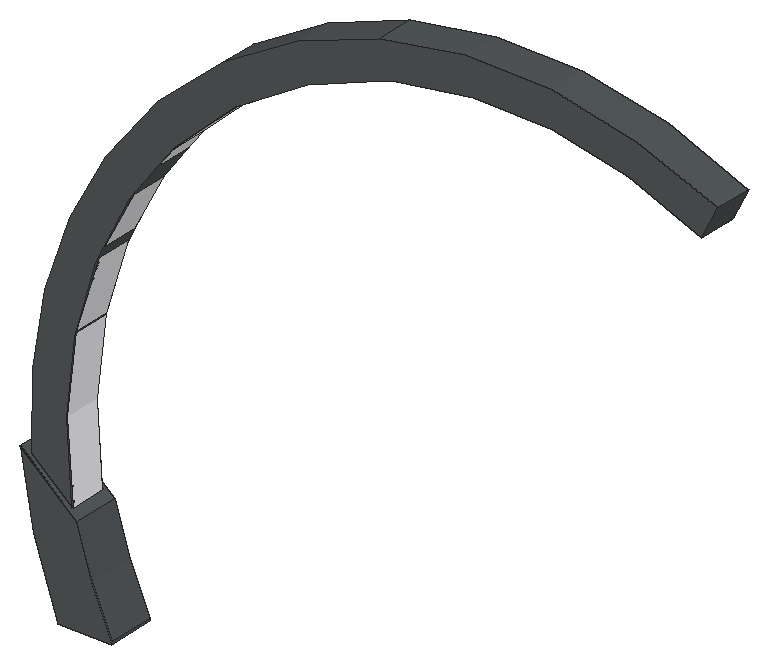
Revit family "Полуарка — копия", category Осветительные приборы, Revit 2019
Family settings
  Размер круглого соединителя = Использовать диаметр
  Тип детали = Нормальный
  На основе рабочей плоскости = Да
  Всегда вертикально = Да
  При загрузке вырезать с полостями = Нет
  Источник света = Да
  Общий = Нет
  Точка расчета площади = Нет
Parameters
  built-in parameter 1150104 = 13.8 (stored number, unit not read)
  Цветоывая температура = size_lookup(Таблица выбора, "С", "", ADSK_Артикул, ADSK_Размер_Высота)  # "2700-5500"
  built-in parameter 1150134 = 3
  Файл фотометрической сетки = "Poluarka DTU-55-AF 180W.ies"
  Угол наклона = 135.00°
  Тип продукции = size_lookup(Таблица выбора, "T", " ", ADSK_Артикул, ADSK_Размер_Высота)  # "LED-светильник"
  Тип ПРА = "-"
  Тип КСС = size_lookup(Таблица выбора, "KSS", " ", ADSK_Артикул, ADSK_Размер_Высота)  # "тип Д (косинусная)"
  Тип ИС = size_lookup(Таблица выбора, "IS", " ", ADSK_Артикул, ADSK_Размер_Высота)  # "LED-модуль"
  Температура эксплуатации = size_lookup(Таблица выбора, "T1", " ", ADSK_Артикул, ADSK_Размер_Высота)  # "-40 +50"
  Таблица выбора = "Таблица параметров светильников"
  built-in parameter 1150137 = (empty or 0)
  built-in parameter 1150132 = 2
  built-in parameter 1150114 = 1 (stored number, unit not read)
  Dimming Lamp Color Temperature Shift = (empty or 0)
  built-in parameter 1150105 = 475.46 (stored number, unit not read)
  Color Filter = 16777215
  Lumens = 15500 lm
  built-in parameter 1150109 = 1 (stored number, unit not read)
  built-in parameter 1150112 = 1 (stored number, unit not read)
  built-in parameter 1150110 = 1 (stored number, unit not read)
  built-in parameter 1150113 = 1 (stored number, unit not read)
  built-in parameter 1150115 = 1 (stored number, unit not read)
  built-in parameter 1114218 = 1 (stored number, unit not read)
  built-in parameter 1114217 = 1 (stored number, unit not read)
  Apparent Load = 0 VA
  Default Elevation = 1219.2 mm
  built-in parameter 1150106 = 4.7546 (stored number, unit not read)
  Область использования = "Парки, скверы, общественные пространства, городская инфраструктура"  # constant formula
  built-in parameter 1150142 = (empty or 0)
  Начало_выдавливания_2 = -160 mm
  Начало_выдавливания_1 = -150 mm
  Начало_выдавливания = -200 mm
  built-in parameter 1150133 = 10 (stored number, unit not read)
  Wattage = 104.348 W
  Материал рассеивателя = ""
  built-in parameter 1150139 = (empty or 0)
  Корпус светильника = Антрацит
  Рассеиватель = Белый_свентодиод
  Короб_Диаметр [instance] = 20 mm
  Конец_выдавливания_2 = 160 mm
  Конец_выдавливания_1 = 150 mm
  Конец_выдавливания = 200 mm
  Климатическая зона = size_lookup(Таблица выбора, "TT", " ", ADSK_Артикул, ADSK_Размер_Высота)  # "УХЛ1"
  Класс пожароопасности = size_lookup(Таблица выбора, "F", " ", ADSK_Артикул, ADSK_Размер_Высота)  # "F (светильники предназначены для установки непосредственно на поверхность из нормально воспламеняемых материалов)"
  Класс защиты = size_lookup(Таблица выбора, "K", " ", ADSK_Артикул, ADSK_Размер_Высота)  # "1"
  built-in parameter 1150138 = (empty or 0)
  built-in parameter 1150107 = 3200 (stored number, unit not read)
  built-in parameter 1150102 = (empty or 0)
  Emit from Circle Diameter = 609.6 mm
  Emit Shape Visible in Rendering = no
  Блок аварийного питания = no
  h_вырез = 150 mm
  angle_обрезка = 20.00°
  X_смещение рассеиватель = -S_профиль светильник / 2 - S_профиль рассеиватель / 2  # -80 mm
  S_профиль светильник = 140 mm
  S_профиль рассеиватель = 20 mm
  S_профиль крепление = S_профиль светильник + 50 mm  # 190 mm
  L_отступ до центра = 1000 mm
  L_отступ до конечной точки = 1550 mm
  IP Class = size_lookup(Таблица выбора, "I", " ", ADSK_Артикул, ADSK_Размер_Высота)  # "IP 67"
  H_профиль светильник = 50 mm
  H_профиль крепление = H_профиль светильник + 30 mm  # 80 mm
  H_конечной точки = 1300 mm
  H_вырез = 500 mm
  ADSK_Энергоэффективность = size_lookup(Таблица выбора, "E", 0 lm/W, ADSK_Артикул, ADSK_Размер_Высота)  # 100 lm/W
  ADSK_Фактическая мощность = size_lookup(Таблица выбора, "EF", 0 W, ADSK_Артикул, ADSK_Размер_Высота)  # 155 W
  ADSK_Ток = 0 A
  ADSK_Размер_Высота = 5478 mm
  ADSK_Примечание = ""
  ADSK_Полная мощность = 0 VA
  ADSK_Позиция = ""
  ADSK_Номинальная мощность = size_lookup(Таблица выбора, "ER", 0 W, ADSK_Артикул, ADSK_Размер_Высота)  # 180 W
  ADSK_Напряжение = 220 V  # constant formula
  ADSK_Наименование = size_lookup(Таблица выбора, "N", " ", ADSK_Артикул, ADSK_Размер_Высота)  # "ДТУ551 Светодиодный светильник Полуарка ДТУ-55-AF-180Вт-4840х5630"
  ADSK_Модель = size_lookup(Таблица выбора, "M", " ", ADSK_Артикул, ADSK_Размер_Высота)  # "Полуарка ДТУ-55-AF"
  ADSK_Масса_Текст = size_lookup(Таблица выбора, "M1", " ", ADSK_Артикул, ADSK_Размер_Высота)  # "425"
  ADSK_Масса = size_lookup(Таблица выбора, "MAS", 0, ADSK_Артикул, ADSK_Размер_Высота)  # 425
  ADSK_Коэффициент мощности = 0
  ADSK_Количество фаз числовое = 0
  ADSK_Количество фаз = 2  # constant formula
  ADSK_Код изделия = ""
  ADSK_Классификация нагрузок [instance] = Освещение
  ADSK_Завод-изготовитель = "ALFRESCO"  # constant formula
  ADSK_Единица измерения = "шт."  # constant formula
  ADSK_Артикул = "ДТУ551"
  ADSK_URL страницы изделия = "https://www.allfresco.ru/catalog/dekorativnoe_ulichnoe_osveshchenie/skaylayn/"
Reference planes
  plane 1 "По центру (Вперед/Назад)": y = 0
  plane 2: z = 0
  plane 3 "По центру (Влево/Вправо)": x = 0
  plane 4: z = 5978.607
  plane 5: x = 6531.172
  plane 6: x = 4354.114
  plane 7: x = 2177.057
  plane 8: z = 4906.106
Forms (mm)
  Extrusion 1, solid, material "Антрацит" <- "Корпус светильника", detail levels medium+fine
    sketch origin (5, 0, 0) x (1, 0, 0) y (0, 0, 1)
      loop
        line (-229.858, 14.004) -> (-229.858, 0) -> (219.858, 0) -> (219.858, 15.922)
        arc (219.858, 15.922) -> (52.216, 411.842) -> (-67.668, 824.74) r 3647.052
        line (-67.668, 824.74) -> (-547.048, 1229.645)
        arc (-547.048, 1229.645) -> (-435.809, 609.468) -> (-229.858, 14.004) r 4055.793
    from -200 <- "Начало_выдавливания" to 200 <- "Конец_выдавливания"
  Extrusion 2, solid, material "Антрацит" <- "Корпус светильника", detail levels medium+fine
    sketch origin (5, 0, 0) x (1, 0, 0) y (0, 0, 1)
      loop
        arc (141.529, 3635.732) -> (-370.176, 2453.963) -> (-480.173, 1170.873) r 4003.057
        line (-480.173, 1170.873) -> (-141.748, 886.901) -> (-144.376, 903.727)
        arc (-144.376, 903.727) -> (-43.921, 2499.966) -> (720.835, 3904.679) r 3700.053
        arc (720.835, 3904.679) -> (1530.556, 4601.084) -> (2505.347, 5037.445) r 3703.199
        line (2505.347, 5037.445) -> (2594.15, 5062.615)
        arc (2594.15, 5062.615) -> (3903.519, 5157.168) -> (5163.597, 4788.943) r 3703.053
        line (5163.597, 4788.943) -> (5297.239, 5057.537)
        arc (5297.239, 5057.537) -> (3897.873, 5459.293) -> (2447.375, 5334.02) r 4003.057
        arc (2447.375, 5334.02) -> (1137.39, 4698.127) -> (141.529, 3635.732) r 4003.09
    from -160 <- "Начало_выдавливания_2" to 160 <- "Конец_выдавливания_2"
  Extrusion 3, solid, material "Белый_свентодиод" <- "Рассеиватель", detail levels medium+fine
    sketch origin (5, 0, 0) x (1, 0, 0) y (0, 0, 1)
      loop
        line (-139.357, 884.895) -> (-138.185, 883.911)
        arc (-138.185, 883.911) -> (-108.988, 2224.333) -> (396.336, 3466.199) r 3697.053
        line (396.336, 3466.199) -> (395.494, 3466.739)
        arc (395.494, 3466.739) -> (-109.85, 2225.104) -> (-139.357, 884.895) r 3698.053
    from -150 <- "Начало_выдавливания_1" to 150 <- "Конец_выдавливания_1"
  Extrusion 4, solid, material "Антрацит" <- "Корпус светильника", detail levels medium+fine
    sketch origin (5, 0, 0) x (1, 0, 0) y (0, 0, 1)
      loop
        line (395.494, 3466.739) -> (396.336, 3466.199)
        arc (396.336, 3466.199) -> (399.032, 3470.41) -> (401.733, 3474.618) r 3697.053
        line (401.733, 3474.618) -> (400.892, 3475.157)
        arc (400.892, 3475.157) -> (398.19, 3470.95) -> (395.494, 3466.739) r 3698.053
    from -150 <- "Начало_выдавливания_1" to 150 <- "Конец_выдавливания_1"
  Extrusion 5, solid, material "Белый_свентодиод" <- "Рассеиватель", detail levels medium+fine
    sketch origin (5, 0, 0) x (1, 0, 0) y (0, 0, 1)
      loop
        line (400.892, 3475.157) -> (401.733, 3474.618)
        arc (401.733, 3474.618) -> (554.658, 3694.488) -> (723.098, 3902.71) r 3697.053
        arc (723.098, 3902.71) -> (1532.163, 4598.551) -> (2506.165, 5034.559) r 3700.199
        line (2506.165, 5034.559) -> (2521.744, 5038.974) -> (2521.477, 5039.938) -> (2505.892, 5035.521)
        arc (2505.892, 5035.521) -> (1531.628, 4599.395) -> (722.344, 3903.366) r 3701.199
        arc (722.344, 3903.366) -> (553.858, 3695.087) -> (400.892, 3475.157) r 3698.053
    from -150 <- "Начало_выдавливания_1" to 150 <- "Конец_выдавливания_1"
  Extrusion 6, solid, material "Антрацит" <- "Корпус светильника", detail levels medium+fine
    sketch origin (5, 0, 0) x (1, 0, 0) y (0, 0, 1)
      loop
        line (2521.477, 5039.938) -> (2521.744, 5038.974) -> (2531.365, 5041.701) -> (2531.099, 5042.665) -> (2521.477, 5039.938)
    from -150 <- "Начало_выдавливания_1" to 150 <- "Конец_выдавливания_1"
  Extrusion 7, solid, material "Белый_свентодиод" <- "Рассеиватель", detail levels medium+fine
    sketch origin (5, 0, 0) x (1, 0, 0) y (0, 0, 1)
      loop
        line (2531.099, 5042.665) -> (2531.365, 5041.701) -> (2594.931, 5059.718)
        arc (2594.931, 5059.718) -> (3898.249, 5154.709) -> (5153.306, 4790.707) r 3700.053
        line (5153.306, 4790.707) -> (5153.751, 4791.602)
        arc (5153.751, 4791.602) -> (3898.349, 5155.704) -> (2594.67, 5060.684) r 3701.053
        line (2594.67, 5060.684) -> (2531.099, 5042.665)
    from -150 <- "Начало_выдавливания_1" to 150 <- "Конец_выдавливания_1"
  Extrusion 8, solid, material "Антрацит" <- "Корпус светильника", detail levels medium+fine
    sketch origin (5, 0, 0) x (1, 0, 0) y (0, 0, 1)
      loop
        arc (5153.306, 4790.707) -> (5157.785, 4788.485) -> (5162.261, 4786.257) r 3700.053
        line (5162.261, 4786.257) -> (5162.706, 4787.152)
        arc (5162.706, 4787.152) -> (5158.23, 4789.38) -> (5153.751, 4791.602) r 3701.053
        line (5153.751, 4791.602) -> (5153.306, 4790.707)
    from -150 <- "Начало_выдавливания_1" to 150 <- "Конец_выдавливания_1"
Lines and regions (mm)
  model lines, detail levels coarse
    curve 1: arc (5168.597, 0, 4788.943) -> (959.648, 0, 4147.92) -> (0, 0, 0) r 3791.431
Dimensions and locks
  equal spacing: Extrusion 1, plane 3 "По центру (Влево/Вправо)", Extrusion 1
  equal spacing: plane 5, plane 6, plane 7, plane 3 "По центру (Влево/Вправо)"
  locked: plane 4 to plane 8 at 1072.501
  aligned and locked: level to plane 2
  aligned and locked: plane 3 "По центру (Влево/Вправо)" to nested 1
  aligned and locked: plane 1 "По центру (Вперед/Назад)" to nested 1
  aligned and locked: plane 7 to imposter light
  aligned and locked: plane 8 to imposter light
Automatic sketch dimensions
  Extrusion 1 sketch curve to Extrusion 1 sketch curve = 0 mm  (x2)
  Extrusion 1 sketch curve to level = 0 mm
  Extrusion 1 sketch curve to plane 3 "По центру (Влево/Вправо)" = 542.048 mm
  Extrusion 1 sketch curve to plane 3 "По центру (Влево/Вправо)" = 224.858 mm
  Extrusion 1 sketch curve to plane 3 "По центру (Влево/Вправо)" = 62.668 mm
  plane 3 "По центру (Влево/Вправо)" to Extrusion 1 sketch curve = 224.858 mm
  level to Extrusion 1 sketch curve = 1633.437 mm
  plane 3 "По центру (Влево/Вправо)" to Extrusion 1 sketch curve = 3493.594 mm
  Extrusion 1 sketch curve to Extrusion 1 sketch curve = 14.004 mm
  level to Extrusion 1 sketch curve = 15.922 mm
  Extrusion 2 sketch curve to Extrusion 2 sketch curve = 0 mm  (x4)
  Extrusion 2 sketch curve to plane 3 "По центру (Влево/Вправо)" = 475.173 mm
  Extrusion 2 sketch curve to plane 3 "По центру (Влево/Вправо)" = 139.376 mm
  Extrusion 2 sketch curve to Extrusion 2 sketch curve = 2.628 mm
  plane 3 "По центру (Влево/Вправо)" to Extrusion 2 sketch curve = 2510.347 mm
  Extrusion 2 sketch curve to Extrusion 2 sketch curve = 88.803 mm
  level to Extrusion 2 sketch curve = 1474.947 mm
  plane 3 "По центру (Влево/Вправо)" to Extrusion 2 sketch curve = 3516.318 mm
  Extrusion 2 sketch curve to Extrusion 2 sketch curve = 0.007 mm
  Extrusion 2 sketch curve to Extrusion 2 sketch curve = 0.009 mm
  Extrusion 2 sketch curve to Extrusion 2 sketch curve = 3.846 mm
  Extrusion 2 sketch curve to Extrusion 2 sketch curve = 2569.448 mm
  Extrusion 2 sketch curve to Extrusion 2 sketch curve = 133.642 mm
  Extrusion 2 sketch curve to Extrusion 2 sketch curve = 0.005 mm
  Extrusion 2 sketch curve to Extrusion 2 sketch curve = 0.319 mm
  level to Extrusion 2 sketch curve = 1170.873 mm
  Extrusion 2 sketch curve to Extrusion 2 sketch curve = 267.147 mm
  Extrusion 2 sketch curve to Extrusion 2 sketch curve = 16.826 mm
  Extrusion 2 sketch curve to Extrusion 2 sketch curve = 3314.351 mm
  Extrusion 2 sketch curve to Extrusion 2 sketch curve = 25.17 mm
  Extrusion 2 sketch curve to Extrusion 2 sketch curve = 268.594 mm
  plane 3 "По центру (Влево/Вправо)" to Extrusion 2 sketch curve = 146.529 mm
  Extrusion 2 sketch curve to Extrusion 2 sketch curve = 579.306 mm
  Extrusion 3 sketch curve to Extrusion 3 sketch curve = 0 mm  (x2)
  Extrusion 3 sketch curve to plane 3 "По центру (Влево/Вправо)" = 134.357 mm
  Extrusion 3 sketch curve to Extrusion 3 sketch curve = 1.172 mm
  plane 3 "По центру (Влево/Вправо)" to Extrusion 3 sketch curve = 400.494 mm
  Extrusion 3 sketch curve to Extrusion 3 sketch curve = 0.842 mm
  level to Extrusion 3 sketch curve = 1474.947 mm
  plane 3 "По центру (Влево/Вправо)" to Extrusion 3 sketch curve = 3516.318 mm
  level to Extrusion 3 sketch curve = 884.895 mm
  Extrusion 3 sketch curve to Extrusion 3 sketch curve = 0.984 mm
  Extrusion 4 sketch curve to Extrusion 4 sketch curve = 0 mm  (x2)
  plane 3 "По центру (Влево/Вправо)" to Extrusion 4 sketch curve = 400.494 mm
  Extrusion 4 sketch curve to Extrusion 4 sketch curve = 0.842 mm  (x2)
  Extrusion 4 sketch curve to Extrusion 4 sketch curve = 5.397 mm
  level to Extrusion 4 sketch curve = 1474.947 mm
  plane 3 "По центру (Влево/Вправо)" to Extrusion 4 sketch curve = 3516.318 mm
  level to Extrusion 4 sketch curve = 3466.199 mm
  Extrusion 4 sketch curve to Extrusion 4 sketch curve = 0.54 mm
  Extrusion 5 sketch curve to Extrusion 5 sketch curve = 0 mm  (x4)
  plane 3 "По центру (Влево/Вправо)" to Extrusion 5 sketch curve = 405.892 mm
  Extrusion 5 sketch curve to Extrusion 5 sketch curve = 0.842 mm
  plane 3 "По центру (Влево/Вправо)" to Extrusion 5 sketch curve = 2510.892 mm
  Extrusion 5 sketch curve to Extrusion 5 sketch curve = 0.273 mm
  Extrusion 5 sketch curve to Extrusion 5 sketch curve = 15.585 mm
  Extrusion 5 sketch curve to Extrusion 5 sketch curve = 0.266 mm
  level to Extrusion 5 sketch curve = 1474.947 mm
  plane 3 "По центру (Влево/Вправо)" to Extrusion 5 sketch curve = 3516.318 mm
  Extrusion 5 sketch curve to Extrusion 5 sketch curve = 3.861 mm
  Extrusion 5 sketch curve to Extrusion 5 sketch curve = 0.355 mm
  level to Extrusion 5 sketch curve = 3474.618 mm
  Extrusion 5 sketch curve to Extrusion 5 sketch curve = 0.54 mm
  Extrusion 5 sketch curve to Extrusion 5 sketch curve = 1559.941 mm
  Extrusion 5 sketch curve to Extrusion 5 sketch curve = 0.962 mm
  Extrusion 5 sketch curve to Extrusion 5 sketch curve = 4.416 mm
  Extrusion 5 sketch curve to Extrusion 5 sketch curve = 0.964 mm
  plane 3 "По центру (Влево/Вправо)" to Extrusion 6 sketch curve = 2526.477 mm
  Extrusion 6 sketch curve to Extrusion 6 sketch curve = 0.266 mm  (x2)
  Extrusion 6 sketch curve to Extrusion 6 sketch curve = 9.621 mm
  level to Extrusion 6 sketch curve = 5038.974 mm
  Extrusion 6 sketch curve to Extrusion 6 sketch curve = 0.964 mm  (x2)
  Extrusion 6 sketch curve to Extrusion 6 sketch curve = 2.727 mm
  Extrusion 7 sketch curve to Extrusion 7 sketch curve = 0 mm  (x2)
  plane 3 "По центру (Влево/Вправо)" to Extrusion 7 sketch curve = 2536.099 mm
  Extrusion 7 sketch curve to Extrusion 7 sketch curve = 0.266 mm
  Extrusion 7 sketch curve to Extrusion 7 sketch curve = 63.572 mm
  Extrusion 7 sketch curve to Extrusion 7 sketch curve = 0.26 mm
  level to Extrusion 7 sketch curve = 1474.943 mm
  plane 3 "По центру (Влево/Вправо)" to Extrusion 7 sketch curve = 3516.325 mm
  Extrusion 7 sketch curve to Extrusion 7 sketch curve = 2558.375 mm
  Extrusion 7 sketch curve to Extrusion 7 sketch curve = 0.445 mm
  Extrusion 7 sketch curve to Extrusion 7 sketch curve = 3315.764 mm
  Extrusion 7 sketch curve to Extrusion 7 sketch curve = 0.895 mm
  Extrusion 7 sketch curve to Extrusion 7 sketch curve = 18.017 mm
  Extrusion 7 sketch curve to Extrusion 7 sketch curve = 0.964 mm
  Extrusion 8 sketch curve to Extrusion 8 sketch curve = 0 mm  (x2)
  level to Extrusion 8 sketch curve = 1474.943 mm
  plane 3 "По центру (Влево/Вправо)" to Extrusion 8 sketch curve = 3516.325 mm
  Extrusion 8 sketch curve to Extrusion 8 sketch curve = 1641.98 mm
  Extrusion 8 sketch curve to Extrusion 8 sketch curve = 0.445 mm  (x2)
  Extrusion 8 sketch curve to Extrusion 8 sketch curve = 8.955 mm
  Extrusion 8 sketch curve to Extrusion 8 sketch curve = 3311.315 mm
  Extrusion 8 sketch curve to Extrusion 8 sketch curve = 0.895 mm
  curve 1 to level = 0 mm
  curve 1 to plane 3 "По центру (Влево/Вправо)" = 0 mm
  level to curve 1 = 1366.777 mm
  plane 3 "По центру (Влево/Вправо)" to curve 1 = 3536.505 mm
  curve 1 to curve 1 = 1632.093 mm
Nested families
  nested 1: "УГО план" at (0, 0, 0), type "УГО план"
Connectors
  electrical at (0, 0, 0), driven by "ADSK_Количество фаз", driven by "ADSK_Классификация нагрузок", driven by "ADSK_Напряжение", driven by "ADSK_Полная мощность"
    settings: on Extrusion 1, index 1, voltage 220 V, apparent load 0 VA, apparent load phase1 0 VA, apparent load phase2 0 VA, apparent load phase3 0 VA, power factor 1, load classification "Освещение", number of poles 2, system type 30, power factor state 1, is connector primary yes, connector utility no, sub classification motor no, connector description ""
  cabletrayconduit at (0, 0, 0), diameter 20, driven by "Короб_Диаметр"
    settings: on Extrusion 1, index 2, connector width 300 mm, connector height 300 mm, connector angle 0.00°, system type 32, placement type 0, profile type 0, connector reference index -1, is primary connector yes, connector utility param no, connector description ""
Definition of nested family "УГО план"
  Parameters (values of type "УГО план")
    Default Elevation = 1219.2 mm
    r_УГО = 250 mm
    l_Отступ линий = r_УГО * 0.52  # 130 mm
    d_УГО = r_УГО * 2  # 500 mm
  Reference planes
    plane 1 "По центру (Вперед/Назад)": y = 0
    plane 2: z = 0
    plane 3 "По центру (Влево/Вправо)": x = 0
    plane 4: y = 250
    plane 5: y = -250
    plane 6: x = -250
    plane 7: x = 250
    plane 8: x = -120
    plane 9: x = 120
  Lines and regions (mm)
    symbolic lines
      curve 1: circle (0, 0, 0) r 250 normal (0, 0, 1)
      curve 2: line (-120, 219.317, 0) -> (-120, -219.317, 0)
      curve 3: line (120, 219.317, 0) -> (120, -219.317, 0)
  Dimensions and locks
    equal spacing: plane 4, plane 1 "По центру (Вперед/Назад)", plane 5
    "d_УГО": plane 4 to plane 5
    equal spacing: plane 6, plane 3 "По центру (Влево/Вправо)", plane 7
    "d_УГО": plane 6 to plane 7
    "l_Отступ линий": plane 6 to plane 8
    "l_Отступ линий": plane 9 to plane 7
    "r_УГО": radius of curve 1
    aligned and locked: level to plane 2
    aligned and locked: plane 3 "По центру (Влево/Вправо)" to curve 1
    aligned and locked: plane 1 "По центру (Вперед/Назад)" to curve 1
    aligned and locked: curve 2 to plane 8
    aligned and locked: curve 3 to plane 9
